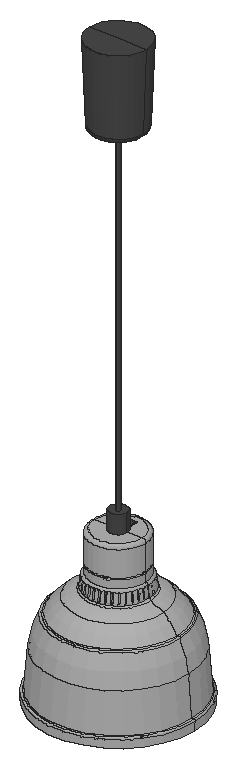
Revit family "Värmelampa Focus RS Fast kabel", category Lighting Fixtures, host Ceiling, Revit 2020
Family settings
  Host = Ceiling
  Round Connector Dimension = Use Diameter
  Part Type = Normal
  OmniClass Number = 23.80.70.11
  OmniClass Title = Luminaries for Internal Lighting
  Always vertical = Yes
  Cut with Voids When Loaded = No
  Light Source = No
  Shared = No
  Room Calculation Point = No
Parameters (values of type "VL1-RS-RKA")
  Model = "VL1-RS-RKA"
  Lamp Type = Värmelampa Focus Modell RS F : VL1-RO-HSA
  Lamp Hanger Material = AMA - Glossy Black
  Default Elevation = 0 mm
  Adjustable length [instance] = 850 mm
Types (2, lengths in mm): name | Model | Lamp Type
  VL1-RS-RKS | "VL1-RS-RKS" | Värmelampa Focus Modell RS F : VL1-RO-HSS
  VL1-RS-RKA | "VL1-RS-RKA" | Värmelampa Focus Modell RS F : VL1-RO-HSA
Reference planes
  plane 1 "Light Source Axis (F/B)": y = 0
  plane 2: z = 0
  plane 3 "Light Source Axis (L/R)": x = 0
  plane 4 "Ceiling": z = 4000
  plane 5 "Light Source Elevation": z = 3750
  plane 6: z = 3150
  plane 7: x = -41
  plane 8: x = -109.996
  plane 9: x = 109.996
  plane 10: z = 3395
Forms (mm)
  Revolve 1, solid, material "AMA - Glossy Black" <- "Lamp Hanger Material"
    sketch origin (0, 0, 0) x (1, 0, 0) y (0, 0, 1)
      loop
        line (0, 4000) -> (-41, 4000) -> (-36.917, 3890.827)
        arc (-36.917, 3890.827) -> (-35.084, 3886.73) -> (-30.921, 3885.051) r 6
        line (-30.921, 3885.051) -> (-16.62, 3885.051) -> (-17.038, 3911.02) -> (0, 3911.02) -> (0, 4000)
      axis (0, 3885.051) -> (0, 4000)
    angle from 0 to 360
  Extrusion 2, solid, material "AMA - Glossy Black" <- "Lamp Hanger Material"
    sketch origin (-2507.68, 6000, 3494.441) x (0, 1, 0) y (1, 0, 0)
      loop
        circle (-6000, 2507.68) r 3
    from 99.441 to -416.579
Lines and regions (mm)
  symbolic lines
    curve 1: circle (0, 0, 3494.441) r 110 normal (0, 0, -1)
    curve 2: circle (0, 0, 3494.441) r 41 normal (0, 0, -1)
    curve 3: line (-77.782, -77.782, 3494.441) -> (77.782, 77.782, 3494.441)
    curve 4: line (77.782, -77.782, 3494.441) -> (-77.782, 77.782, 3494.441)
Dimensions and locks
  equal spacing: host sketch curve, plane 3 "Light Source Axis (L/R)", host sketch curve
  equal spacing: host sketch curve, plane 1 "Light Source Axis (F/B)", host sketch curve
  host sketch curve to host sketch curve = 4000 mm  (x2)
  plane 4 "Ceiling" to host ceiling = 0 mm
  "Adjustable length": plane 6 to plane 4 "Ceiling"
  plane 8 to plane 9 = 219.991 mm
  equal spacing: plane 8, plane 3 "Light Source Axis (L/R)", plane 9
  plane 4 "Ceiling" to plane 5 "Light Source Elevation" = 250 mm
  plane 6 to nested 1 = 220 mm
  plane 6 to plane 10 = 245 mm
  aligned and locked: Extrusion 2 to Revolve 1
  aligned and locked: nested 1 to plane 10
  aligned and locked: plane 10 to Extrusion 2
Automatic sketch dimensions
  plane 1 "Light Source Axis (F/B)" to Extrusion 2 sketch curve = 0 mm
  Extrusion 2 sketch curve to plane 3 "Light Source Axis (L/R)" = 0 mm
  curve 1 to curve 2 = 0 mm  (x2)
  plane 1 "Light Source Axis (F/B)" to curve 2 = 0 mm
  curve 2 to plane 3 "Light Source Axis (L/R)" = 0 mm
  plane 1 "Light Source Axis (F/B)" to curve 4 = 77.782 mm
  plane 1 "Light Source Axis (F/B)" to curve 3 = 77.782 mm
  curve 4 to plane 1 "Light Source Axis (F/B)" = 77.782 mm
  curve 3 to plane 1 "Light Source Axis (F/B)" = 77.782 mm
  plane 3 "Light Source Axis (L/R)" to curve 3 = 77.782 mm
  Revolve 1 sketch curve to plane 4 "Ceiling" = 0 mm  (x2)
  Revolve 1 sketch curve to plane 7 = 0 mm
  Revolve 1 sketch curve to plane 3 "Light Source Axis (L/R)" = 0 mm  (x2)
  plane 7 to Revolve 1 sketch curve = 4.083 mm
  Revolve 1 sketch curve to Revolve 1 sketch curve = 5.996 mm
  Revolve 1 sketch curve to Revolve 1 sketch curve = 14.301 mm
  Revolve 1 sketch curve to Revolve 1 sketch curve = 17.038 mm
  Revolve 1 sketch curve to Revolve 1 sketch curve = 65 mm
  plane 4 "Ceiling" to Revolve 1 sketch curve = 108.949 mm
  Revolve 1 sketch curve to Revolve 1 sketch curve = 0.224 mm
  Revolve 1 sketch curve to Revolve 1 sketch curve = 25.969 mm
  radius of Extrusion 2 sketch curve = 3 mm
  radius of curve 2 = 41 mm
Nested families
  nested 1: "Värmelampa Focus Modell RS F" at (0, 0, 3150) x (-1, 0, 0) z (0, 0, 1), type <- "Lamp Type", type "VL1-RO-HSA"
Definition of nested family "Värmelampa Focus Modell RS F"
  Parameters (values of type "VL1-RO-HSA")
    Main Body Material = none
    Lamp Hanger Material = none
    Default Elevation = 0 mm
  Types (2): name
    VL1-RO-HSA
    VL1-RO-HSS
  Reference planes
    plane 1 "Light Source Axis (F/B)": y = 0
    plane 2: z = 0
    plane 3 "Light Source Axis (L/R)": x = 0
    plane 4 "Light Source Elevation": z = 1500
    plane 5: z = 220
    plane 6: z = 245
  Forms (mm)
    Revolve 1, solid, material <- "Main Body Material"
      sketch origin (321.816, 0, -3150) x (1, 0, 0) y (0, 0, 1)
        loop
          arc (-232.978, 3260.274) -> (-233.926, 3261.301) -> (-235.278, 3261.659) r 2.5
          arc (-235.278, 3261.659) -> (-236.488, 3261.938) -> (-237.415, 3262.765) r 2.5
          arc (-237.415, 3262.765) -> (-246.445, 3274.307) -> (-257.054, 3284.417) r 100.768
          arc (-257.054, 3284.417) -> (-265.762, 3290.146) -> (-275.486, 3293.905) r 49
          arc (-275.486, 3293.905) -> (-276.966, 3294.827) -> (-277.683, 3296.416) r 3
          line (-277.683, 3296.416) -> (-279.685, 3311.841)
          arc (-279.685, 3311.841) -> (-281.012, 3314.331) -> (-283.652, 3315.326) r 4
          line (-283.652, 3315.326) -> (-321.816, 3315.326) -> (-321.816, 3313.326) -> (-283.652, 3313.326)
          arc (-283.652, 3313.326) -> (-282.332, 3312.829) -> (-281.668, 3311.583) r 2
          line (-281.668, 3311.583) -> (-279.666, 3296.158)
          arc (-279.666, 3296.158) -> (-278.468, 3293.506) -> (-275.995, 3291.97) r 5
          arc (-275.995, 3291.97) -> (-266.125, 3288.094) -> (-257.385, 3282.089) r 46.652
          arc (-257.385, 3282.089) -> (-247.551, 3272.547) -> (-239.133, 3261.736) r 98.768
          arc (-239.133, 3261.736) -> (-237.305, 3260.128) -> (-234.914, 3259.674) r 4.614
          arc (-234.914, 3259.674) -> (-226.91, 3239.802) -> (-222.228, 3218.896) r 131.909
          arc (-222.228, 3218.896) -> (-219.217, 3191.479) -> (-217.833, 3163.932) r 465.715
          arc (-217.833, 3163.932) -> (-217.006, 3161.925) -> (-215.041, 3161.001) r 3
          arc (-215.041, 3161.001) -> (-214.17, 3160.587) -> (-213.816, 3159.69) r 1.314
          line (-213.816, 3159.69) -> (-213.816, 3150) -> (-211.816, 3150) -> (-211.816, 3160.995)
          arc (-211.816, 3160.995) -> (-212.575, 3162.562) -> (-214.274, 3162.941) r 1.999
          arc (-214.274, 3162.941) -> (-215.345, 3163.174) -> (-215.838, 3164.153) r 1.272
          arc (-215.838, 3164.153) -> (-217.23, 3191.728) -> (-220.247, 3219.173) r 467.715
          arc (-220.247, 3219.173) -> (-224.951, 3240.238) -> (-232.978, 3260.274) r 133.909
        axis (-321.816, 3315.326) -> (-321.816, 3150)
      angle from 0 to 360
    Extrusion 2, solid, material <- "Lamp Hanger Material"
      sketch origin (-36.5, 6000, 265.281) x (1, 0, 0) y (0, 1, 0)
        loop
          circle (36.5, -6000) r 12.5
      from -45.281 to -20.281
    Revolve 3, solid, material <- "Main Body Material"
      sketch origin (0, 0, 0) x (1, 0, 0) y (0, 0, 1)
        loop
          line (0, 220) -> (0, 165.326) -> (38.983, 165.326) -> (38.983, 176.321)
          arc (38.983, 176.321) -> (37.983, 177.321) -> (38.983, 178.32) r 1
          line (38.983, 178.32) -> (38.983, 215.002)
          arc (38.983, 215.002) -> (37.519, 218.536) -> (33.985, 220) r 4.998
          line (33.985, 220) -> (0, 220)
        axis (0, 165.326) -> (0, 220)
      angle from 0 to 360
    Extrusion 4, void
      sketch origin (66.458, -7000, 131.391) x (0, 0, 1) y (0, 1, 0)
        loop
          line (16.977, 6998.587) -> (29.537, 6998.587)
          arc (29.537, 6998.587) -> (31.037, 7000.087) -> (29.537, 7001.587) r 1.5
          line (29.537, 7001.587) -> (16.977, 7001.587)
          arc (16.977, 7001.587) -> (15.477, 7000.087) -> (16.977, 6998.587) r 1.5
      from 17.051 to 31.502
    Extrusion 5, void
      sketch origin (-7000, -66.458, 131.391) x (0, 0, 1) y (1, 0, 0)
        loop
          line (16.977, 6998.587) -> (29.537, 6998.587)
          arc (29.537, 6998.587) -> (31.037, 7000.087) -> (29.537, 7001.587) r 1.5
          line (29.537, 7001.587) -> (16.977, 7001.587)
          arc (16.977, 7001.587) -> (15.477, 7000.087) -> (16.977, 6998.587) r 1.5
      from 17.051 to 31.502
    Extrusion 6, void
      sketch origin (6905.195, 1150.089, 131.391) x (0, 0, 1) y (0.984808, 0.173648, 0)
        loop
          arc (16.977, -6998.587) -> (15.477, -7000.087) -> (16.977, -7001.587) r 1.5
          line (16.977, -7001.587) -> (29.537, -7001.587)
          arc (29.537, -7001.587) -> (31.037, -7000.087) -> (29.537, -6998.587) r 1.5
          line (29.537, -6998.587) -> (16.977, -6998.587)
      from 17.051 to 31.502
    Extrusion 7, void
      sketch origin (6600.578, 2331.691, 131.391) x (0, 0, 1) y (0.939693, 0.34202, 0)
        loop
          arc (16.977, -6998.587) -> (15.477, -7000.087) -> (16.977, -7001.587) r 1.5
          line (16.977, -7001.587) -> (29.537, -7001.587)
          arc (29.537, -7001.587) -> (31.037, -7000.087) -> (29.537, -6998.587) r 1.5
          line (29.537, -6998.587) -> (16.977, -6998.587)
      from 17.051 to 31.502
    Extrusion 8, void
      sketch origin (6095.407, 3442.446, 131.391) x (0, 0, 1) y (0.866025, 0.5, 0)
        loop
          arc (16.977, -6998.587) -> (15.477, -7000.087) -> (16.977, -7001.587) r 1.5
          line (16.977, -7001.587) -> (29.537, -7001.587)
          arc (29.537, -7001.587) -> (31.037, -7000.087) -> (29.537, -6998.587) r 1.5
          line (29.537, -6998.587) -> (16.977, -6998.587)
      from 17.051 to 31.502
    Extrusion 9, void
      sketch origin (5405.029, 4448.604, 131.391) x (0, 0, 1) y (0.766044, 0.642788, 0)
        loop
          arc (16.977, -6998.587) -> (15.477, -7000.087) -> (16.977, -7001.587) r 1.5
          line (16.977, -7001.587) -> (29.537, -7001.587)
          arc (29.537, -7001.587) -> (31.037, -7000.087) -> (29.537, -6998.587) r 1.5
          line (29.537, -6998.587) -> (16.977, -6998.587)
      from 17.051 to 31.502
    Extrusion 10, void
      sketch origin (4550.423, 5319.593, 131.391) x (0, 0, 1) y (0.642788, 0.766044, 0)
        loop
          arc (16.977, -6998.587) -> (15.477, -7000.087) -> (16.977, -7001.587) r 1.5
          line (16.977, -7001.587) -> (29.537, -7001.587)
          arc (29.537, -7001.587) -> (31.037, -7000.087) -> (29.537, -6998.587) r 1.5
          line (29.537, -6998.587) -> (16.977, -6998.587)
      from 17.051 to 31.502
    Extrusion 11, void
      sketch origin (3557.554, 6028.949, 131.391) x (0, 0, 1) y (0.5, 0.866025, 0)
        loop
          arc (16.977, -6998.587) -> (15.477, -7000.087) -> (16.977, -7001.587) r 1.5
          line (16.977, -7001.587) -> (29.537, -7001.587)
          arc (29.537, -7001.587) -> (31.037, -7000.087) -> (29.537, -6998.587) r 1.5
          line (29.537, -6998.587) -> (16.977, -6998.587)
      from 17.051 to 31.502
    Extrusion 12, void
      sketch origin (2456.591, 6555.119, 131.391) x (0, 0, 1) y (0.34202, 0.939693, 0)
        loop
          arc (16.977, -6998.587) -> (15.477, -7000.087) -> (16.977, -7001.587) r 1.5
          line (16.977, -7001.587) -> (29.537, -7001.587)
          arc (29.537, -7001.587) -> (31.037, -7000.087) -> (29.537, -6998.587) r 1.5
          line (29.537, -6998.587) -> (16.977, -6998.587)
      from 17.051 to 31.502
    Extrusion 13, void
      sketch origin (1280.985, 6882.114, 131.391) x (0, 0, 1) y (0.173648, 0.984808, 0)
        loop
          arc (16.977, -6998.587) -> (15.477, -7000.087) -> (16.977, -7001.587) r 1.5
          line (16.977, -7001.587) -> (29.537, -7001.587)
          arc (29.537, -7001.587) -> (31.037, -7000.087) -> (29.537, -6998.587) r 1.5
          line (29.537, -6998.587) -> (16.977, -6998.587)
      from 17.051 to 31.502
    Extrusion 14, void
      sketch origin (-6905.195, 1150.089, 131.391) x (0, 0, 1) y (0.984808, -0.173648, 0)
        loop
          line (16.977, 6998.587) -> (29.537, 6998.587)
          arc (29.537, 6998.587) -> (31.037, 7000.087) -> (29.537, 7001.587) r 1.5
          line (29.537, 7001.587) -> (16.977, 7001.587)
          arc (16.977, 7001.587) -> (15.477, 7000.087) -> (16.977, 6998.587) r 1.5
      from 17.051 to 31.502
    Extrusion 15, void
      sketch origin (-6600.578, 2331.691, 131.391) x (0, 0, 1) y (0.939693, -0.34202, 0)
        loop
          line (16.977, 6998.587) -> (29.537, 6998.587)
          arc (29.537, 6998.587) -> (31.037, 7000.087) -> (29.537, 7001.587) r 1.5
          line (29.537, 7001.587) -> (16.977, 7001.587)
          arc (16.977, 7001.587) -> (15.477, 7000.087) -> (16.977, 6998.587) r 1.5
      from 17.051 to 31.502
    Extrusion 16, void
      sketch origin (-6095.407, 3442.446, 131.391) x (0, 0, 1) y (0.866025, -0.5, 0)
        loop
          line (16.977, 6998.587) -> (29.537, 6998.587)
          arc (29.537, 6998.587) -> (31.037, 7000.087) -> (29.537, 7001.587) r 1.5
          line (29.537, 7001.587) -> (16.977, 7001.587)
          arc (16.977, 7001.587) -> (15.477, 7000.087) -> (16.977, 6998.587) r 1.5
      from 17.051 to 31.502
    Extrusion 17, void
      sketch origin (-5405.029, 4448.604, 131.391) x (0, 0, 1) y (0.766044, -0.642788, 0)
        loop
          line (16.977, 6998.587) -> (29.537, 6998.587)
          arc (29.537, 6998.587) -> (31.037, 7000.087) -> (29.537, 7001.587) r 1.5
          line (29.537, 7001.587) -> (16.977, 7001.587)
          arc (16.977, 7001.587) -> (15.477, 7000.087) -> (16.977, 6998.587) r 1.5
      from 17.051 to 31.502
    Extrusion 18, void
      sketch origin (-4550.423, 5319.593, 131.391) x (0, 0, 1) y (0.642788, -0.766044, 0)
        loop
          line (16.977, 6998.587) -> (29.537, 6998.587)
          arc (29.537, 6998.587) -> (31.037, 7000.087) -> (29.537, 7001.587) r 1.5
          line (29.537, 7001.587) -> (16.977, 7001.587)
          arc (16.977, 7001.587) -> (15.477, 7000.087) -> (16.977, 6998.587) r 1.5
      from 17.051 to 31.502
    Extrusion 19, void
      sketch origin (-3557.554, 6028.949, 131.391) x (0, 0, 1) y (0.5, -0.866025, 0)
        loop
          line (16.977, 6998.587) -> (29.537, 6998.587)
          arc (29.537, 6998.587) -> (31.037, 7000.087) -> (29.537, 7001.587) r 1.5
          line (29.537, 7001.587) -> (16.977, 7001.587)
          arc (16.977, 7001.587) -> (15.477, 7000.087) -> (16.977, 6998.587) r 1.5
      from 17.051 to 31.502
    Extrusion 20, void
      sketch origin (-2456.591, 6555.119, 131.391) x (0, 0, 1) y (0.34202, -0.939693, 0)
        loop
          line (16.977, 6998.587) -> (29.537, 6998.587)
          arc (29.537, 6998.587) -> (31.037, 7000.087) -> (29.537, 7001.587) r 1.5
          line (29.537, 7001.587) -> (16.977, 7001.587)
          arc (16.977, 7001.587) -> (15.477, 7000.087) -> (16.977, 6998.587) r 1.5
      from 17.051 to 31.502
    Extrusion 21, void
      sketch origin (-1280.985, 6882.114, 131.391) x (0, 0, 1) y (0.173648, -0.984808, 0)
        loop
          line (16.977, 6998.587) -> (29.537, 6998.587)
          arc (29.537, 6998.587) -> (31.037, 7000.087) -> (29.537, 7001.587) r 1.5
          line (29.537, 7001.587) -> (16.977, 7001.587)
          arc (16.977, 7001.587) -> (15.477, 7000.087) -> (16.977, 6998.587) r 1.5
      from 17.051 to 31.502
    Extrusion 22, void
      sketch origin (-7000, 66.458, 131.391) x (0, 0, 1) y (-1, 0, 0)
        loop
          arc (16.977, -6998.587) -> (15.477, -7000.087) -> (16.977, -7001.587) r 1.5
          line (16.977, -7001.587) -> (29.537, -7001.587)
          arc (29.537, -7001.587) -> (31.037, -7000.087) -> (29.537, -6998.587) r 1.5
          line (29.537, -6998.587) -> (16.977, -6998.587)
      from 17.051 to 31.502
    Extrusion 23, void
      sketch origin (6905.195, -1150.089, 131.391) x (0, 0, 1) y (-0.984808, 0.173648, 0)
        loop
          line (16.977, 6998.587) -> (29.537, 6998.587)
          arc (29.537, 6998.587) -> (31.037, 7000.087) -> (29.537, 7001.587) r 1.5
          line (29.537, 7001.587) -> (16.977, 7001.587)
          arc (16.977, 7001.587) -> (15.477, 7000.087) -> (16.977, 6998.587) r 1.5
      from 17.051 to 31.502
    Extrusion 24, void
      sketch origin (6600.578, -2331.691, 131.391) x (0, 0, 1) y (-0.939693, 0.34202, 0)
        loop
          line (16.977, 6998.587) -> (29.537, 6998.587)
          arc (29.537, 6998.587) -> (31.037, 7000.087) -> (29.537, 7001.587) r 1.5
          line (29.537, 7001.587) -> (16.977, 7001.587)
          arc (16.977, 7001.587) -> (15.477, 7000.087) -> (16.977, 6998.587) r 1.5
      from 17.051 to 31.502
    Extrusion 25, void
      sketch origin (6095.407, -3442.446, 131.391) x (0, 0, 1) y (-0.866025, 0.5, 0)
        loop
          line (16.977, 6998.587) -> (29.537, 6998.587)
          arc (29.537, 6998.587) -> (31.037, 7000.087) -> (29.537, 7001.587) r 1.5
          line (29.537, 7001.587) -> (16.977, 7001.587)
          arc (16.977, 7001.587) -> (15.477, 7000.087) -> (16.977, 6998.587) r 1.5
      from 17.051 to 31.502
    Extrusion 26, void
      sketch origin (5405.029, -4448.604, 131.391) x (0, 0, 1) y (-0.766044, 0.642788, 0)
        loop
          line (16.977, 6998.587) -> (29.537, 6998.587)
          arc (29.537, 6998.587) -> (31.037, 7000.087) -> (29.537, 7001.587) r 1.5
          line (29.537, 7001.587) -> (16.977, 7001.587)
          arc (16.977, 7001.587) -> (15.477, 7000.087) -> (16.977, 6998.587) r 1.5
      from 17.051 to 31.502
    Extrusion 27, void
      sketch origin (4550.423, -5319.593, 131.391) x (0, 0, 1) y (-0.642788, 0.766044, 0)
        loop
          line (16.977, 6998.587) -> (29.537, 6998.587)
          arc (29.537, 6998.587) -> (31.037, 7000.087) -> (29.537, 7001.587) r 1.5
          line (29.537, 7001.587) -> (16.977, 7001.587)
          arc (16.977, 7001.587) -> (15.477, 7000.087) -> (16.977, 6998.587) r 1.5
      from 17.051 to 31.502
    Extrusion 28, void
      sketch origin (3557.554, -6028.949, 131.391) x (0, 0, 1) y (-0.5, 0.866025, 0)
        loop
          line (16.977, 6998.587) -> (29.537, 6998.587)
          arc (29.537, 6998.587) -> (31.037, 7000.087) -> (29.537, 7001.587) r 1.5
          line (29.537, 7001.587) -> (16.977, 7001.587)
          arc (16.977, 7001.587) -> (15.477, 7000.087) -> (16.977, 6998.587) r 1.5
      from 17.051 to 31.502
    Extrusion 29, void
      sketch origin (2456.591, -6555.119, 131.391) x (0, 0, 1) y (-0.34202, 0.939693, 0)
        loop
          line (16.977, 6998.587) -> (29.537, 6998.587)
          arc (29.537, 6998.587) -> (31.037, 7000.087) -> (29.537, 7001.587) r 1.5
          line (29.537, 7001.587) -> (16.977, 7001.587)
          arc (16.977, 7001.587) -> (15.477, 7000.087) -> (16.977, 6998.587) r 1.5
      from 17.051 to 31.502
    Extrusion 30, void
      sketch origin (1280.985, -6882.114, 131.391) x (0, 0, 1) y (-0.173648, 0.984808, 0)
        loop
          line (16.977, 6998.587) -> (29.537, 6998.587)
          arc (29.537, 6998.587) -> (31.037, 7000.087) -> (29.537, 7001.587) r 1.5
          line (29.537, 7001.587) -> (16.977, 7001.587)
          arc (16.977, 7001.587) -> (15.477, 7000.087) -> (16.977, 6998.587) r 1.5
      from 17.051 to 31.502
    Extrusion 31, void
      sketch origin (-6905.195, -1150.089, 131.391) x (0, 0, 1) y (-0.984808, -0.173648, 0)
        loop
          arc (16.977, -6998.587) -> (15.477, -7000.087) -> (16.977, -7001.587) r 1.5
          line (16.977, -7001.587) -> (29.537, -7001.587)
          arc (29.537, -7001.587) -> (31.037, -7000.087) -> (29.537, -6998.587) r 1.5
          line (29.537, -6998.587) -> (16.977, -6998.587)
      from 17.051 to 31.502
    Extrusion 32, void
      sketch origin (-6600.578, -2331.691, 131.391) x (0, 0, 1) y (-0.939693, -0.34202, 0)
        loop
          arc (16.977, -6998.587) -> (15.477, -7000.087) -> (16.977, -7001.587) r 1.5
          line (16.977, -7001.587) -> (29.537, -7001.587)
          arc (29.537, -7001.587) -> (31.037, -7000.087) -> (29.537, -6998.587) r 1.5
          line (29.537, -6998.587) -> (16.977, -6998.587)
      from 17.051 to 31.502
    Extrusion 33, void
      sketch origin (-6095.407, -3442.446, 131.391) x (0, 0, 1) y (-0.866025, -0.5, 0)
        loop
          arc (16.977, -6998.587) -> (15.477, -7000.087) -> (16.977, -7001.587) r 1.5
          line (16.977, -7001.587) -> (29.537, -7001.587)
          arc (29.537, -7001.587) -> (31.037, -7000.087) -> (29.537, -6998.587) r 1.5
          line (29.537, -6998.587) -> (16.977, -6998.587)
      from 17.051 to 31.502
    Extrusion 34, void
      sketch origin (-5405.029, -4448.604, 131.391) x (0, 0, 1) y (-0.766044, -0.642788, 0)
        loop
          arc (16.977, -6998.587) -> (15.477, -7000.087) -> (16.977, -7001.587) r 1.5
          line (16.977, -7001.587) -> (29.537, -7001.587)
          arc (29.537, -7001.587) -> (31.037, -7000.087) -> (29.537, -6998.587) r 1.5
          line (29.537, -6998.587) -> (16.977, -6998.587)
      from 17.051 to 31.502
    Extrusion 35, void
      sketch origin (-4550.423, -5319.593, 131.391) x (0, 0, 1) y (-0.642788, -0.766044, 0)
        loop
          arc (16.977, -6998.587) -> (15.477, -7000.087) -> (16.977, -7001.587) r 1.5
          line (16.977, -7001.587) -> (29.537, -7001.587)
          arc (29.537, -7001.587) -> (31.037, -7000.087) -> (29.537, -6998.587) r 1.5
          line (29.537, -6998.587) -> (16.977, -6998.587)
      from 17.051 to 31.502
    Extrusion 36, void
      sketch origin (-3557.554, -6028.949, 131.391) x (0, 0, 1) y (-0.5, -0.866025, 0)
        loop
          arc (16.977, -6998.587) -> (15.477, -7000.087) -> (16.977, -7001.587) r 1.5
          line (16.977, -7001.587) -> (29.537, -7001.587)
          arc (29.537, -7001.587) -> (31.037, -7000.087) -> (29.537, -6998.587) r 1.5
          line (29.537, -6998.587) -> (16.977, -6998.587)
      from 17.051 to 31.502
    Extrusion 37, void
      sketch origin (-2456.591, -6555.119, 131.391) x (0, 0, 1) y (-0.34202, -0.939693, 0)
        loop
          arc (16.977, -6998.587) -> (15.477, -7000.087) -> (16.977, -7001.587) r 1.5
          line (16.977, -7001.587) -> (29.537, -7001.587)
          arc (29.537, -7001.587) -> (31.037, -7000.087) -> (29.537, -6998.587) r 1.5
          line (29.537, -6998.587) -> (16.977, -6998.587)
      from 17.051 to 31.502
    Extrusion 38, void
      sketch origin (-1280.985, -6882.114, 131.391) x (0, 0, 1) y (-0.173648, -0.984808, 0)
        loop
          arc (16.977, -6998.587) -> (15.477, -7000.087) -> (16.977, -7001.587) r 1.5
          line (16.977, -7001.587) -> (29.537, -7001.587)
          arc (29.537, -7001.587) -> (31.037, -7000.087) -> (29.537, -6998.587) r 1.5
          line (29.537, -6998.587) -> (16.977, -6998.587)
      from 17.051 to 31.502
    Extrusion 39, void
      sketch origin (-66.458, -7000, 131.391) x (0, 0, 1) y (0, -1, 0)
        loop
          arc (16.977, -6998.587) -> (15.477, -7000.087) -> (16.977, -7001.587) r 1.5
          line (16.977, -7001.587) -> (29.537, -7001.587)
          arc (29.537, -7001.587) -> (31.037, -7000.087) -> (29.537, -6998.587) r 1.5
          line (29.537, -6998.587) -> (16.977, -6998.587)
      from 17.051 to 31.502
    Extrusion 40, solid, material <- "Lamp Hanger Material"
      sketch origin (-36.5, 6000, 220) x (0, 1, 0) y (1, 0, 0)
        loop
          line (-6013.857, 29) -> (-6013.857, 44) -> (-6023.857, 44) -> (-6023.857, 29) -> (-6013.857, 29)
        loop
          line (-6022.857, 43) -> (-6022.857, 30) -> (-6014.857, 30) -> (-6014.857, 43) -> (-6022.857, 43)
      from 0 to -1
    Extrusion 41, solid, material <- "Lamp Hanger Material"
      sketch origin (7.5, -23.857, 220) x (-1, 0, 0) y (0, 0, -1)
        loop
          line (14, 0) -> (1.191, 0) -> (1.191, -1) -> (1.676, -2.039)
          arc (1.676, -2.039) -> (1.963, -2.347) -> (2.376, -2.427) r 0.681
          line (2.376, -2.427) -> (14, -1) -> (14, 0)
      from -1 to -9
  Cuts and joins
    Extrusion 4, Extrusion 5, Extrusion 6, Extrusion 7, Extrusion 8, Extrusion 9, Extrusion 10, Extrusion 11, Extrusion 12, Extrusion 13, Extrusion 14, Extrusion 15, Extrusion 16, Extrusion 17, Extrusion 18, Extrusion 19, Extrusion 20, Extrusion 21, Extrusion 22, Extrusion 23, Extrusion 24, Extrusion 25, Extrusion 26, Extrusion 27, Extrusion 28, Extrusion 29, Extrusion 30, Extrusion 31, Extrusion 32, Extrusion 33, Extrusion 34, Extrusion 35, Extrusion 36, Extrusion 37, Extrusion 38, Extrusion 39 cuts Revolve 1
  Dimensions and locks
    aligned and locked: level to plane 2
    aligned and locked: Extrusion 2 to plane 5
